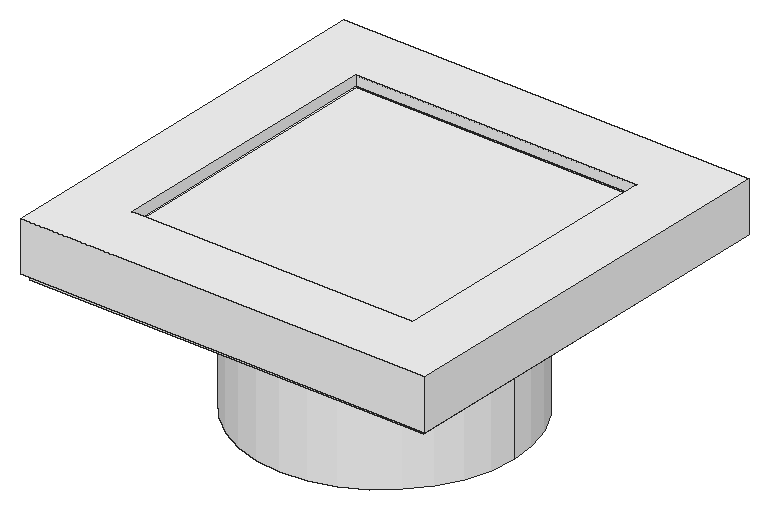
Revit family "Gira_2282600", category Electrical Fixtures, host Face, Revit 2017
Family settings
  Host = Face
  Maintain Annotation Orientation = Yes
  Round Connector Dimension = Use Diameter
  Part Type = Normal
  Cut with Voids When Loaded = No
  Shared = No
  Room Calculation Point = No
Parameters (values of type "Speaker RDS FM radio System 55 stainl.steel")
  White [instance] = White
  URL = "http://katalog.gira.de/en/datenblatt.html?artikelnr=2282600"
  Name = "Speaker RDS FM radio System 55 stainl.steel"
  Model = "Radio"
  Manufacturer URL = "https://www.gira.de/"
  Manufacturer = "Gira"
  HeinzeBIM = "https://bimportal.heinze.de/bim/speaker-rds-fm-radio-system-55-stainl-steel/abe07c2d12d35db76f6b69c08bc2932a9b44d121"
  HAN = "2282600"
  GTIN = "4010337032861"
  Description = "Spk.FM radio RDS Sys55 SST,Speaker for the RDS flush-mounted radio,,Stainless steel,Features:,- Speaker for connection to the Gira RDS flush-mounted radio."
  Default Elevation = 1219.2 mm
  Data sheet (1) = "https://katalog.gira.de/en/download.html?artikelnr=2282600"
  Category = "Electronic insert for domestic switching devices"
  BIM (1) = "https://media.stage.bim.site/public/gira/36a6b08/Sys55_Komplettgerät_Schalten und Tasten.rfa?public/gira/36a6b08/Sys55_Komplettgerät_Schalten und Tasten.rfa"
  Available = "No"
Reference planes
  plane 1 "Center (Front/Back)": y = 0
  plane 2: z = 0
  plane 3 "Center (Left/Right)": x = 0
Forms (mm)
  Extrusion 1, solid, material "White" <- "White", detail levels medium
    sketch origin (0, 0, 0) x (1, 0, 0) y (0, 1, 0)
      loop
        line (-40.4, 40.4) -> (-40.4, -40.4) -> (40.4, -40.4) -> (40.4, 40.4) -> (-40.4, 40.4)
      loop
        line (-28, 28) -> (-28, -28) -> (28, -28) -> (28, 28) -> (-28, 28)
    from 0 to 10
  Extrusion 2, solid, material "White" <- "White", detail levels fine
    sketch origin (0, 0, 0) x (1, 0, 0) y (0, 1, 0)
      loop
        line (-40.4, 40.4) -> (-40.4, -40.4) -> (40.4, -40.4) -> (40.4, 40.4) -> (-40.4, 40.4)
      loop
        line (-28, 28) -> (-28, -28) -> (28, -28) -> (28, 28) -> (-28, 28)
    from 0 to 10
  Extrusion 3, void
    sketch origin (0, 0, 0) x (1, 0, 0) y (0, 1, 0)
      loop
        line (-38.4, 38.4) -> (-38.4, -38.4) -> (38.4, -38.4) -> (38.4, 38.4) -> (-38.4, 38.4)
    from 0 to 8
  Extrusion 4, solid, material "White" <- "White", detail levels medium+fine
    sketch origin (0, 0, 0) x (1, 0, 0) y (0, 1, 0)
      loop
        line (-39.4, 39.4) -> (-39.4, -39.4) -> (39.4, -39.4) -> (39.4, 39.4) -> (-39.4, 39.4)
    from 0 to -1
  Extrusion 5, solid, material "White" <- "White", detail levels medium+fine
    sketch origin (0, 0, 0) x (1, 0, 0) y (0, 1, 0)
      loop
        line (-35.5, 35.5) -> (-35.5, -35.5) -> (35.5, -35.5) -> (35.5, 35.5) -> (-35.5, 35.5)
    from -2 to -3
  Extrusion 6, solid, material "White" <- "White", detail levels medium+fine
    sketch origin (0, 0, 0) x (1, 0, 0) y (0, 1, 0)
      loop
        circle (0, 0) r 26
    from 0 to -27.5
  Extrusion 7, solid, material "White" <- "White", detail levels coarse
    sketch origin (0, 0, 0) x (1, 0, 0) y (0, 1, 0)
      loop
        line (-40.4, 40.4) -> (-40.4, -40.4) -> (40.4, -40.4) -> (40.4, 40.4) -> (-40.4, 40.4)
    from -27.5 to 10
Cuts and joins
  Extrusion 3 cuts Extrusion 2
Dimensions and locks
  aligned and locked: plane 2 to host face
  aligned and locked: level to host face
  aligned and locked: plane 3 "Center (Left/Right)" to nested 2
  aligned and locked: plane 1 "Center (Front/Back)" to nested 2
Nested families
  nested 1: "Sys55_Abdeckung_Schalten und Tasten_floor_base" at (0, 0, 0), type "Sys55_Abdeckung_Schalten und Tasten_floor_base"
  nested 2: "Schalter" at (0, 0, 0), type "Schalter"
Connectors
  electrical at (0, 0, -27.5)
    settings: on Extrusion 6, index 1, voltage 220 V, apparent load 0 VA, apparent load phase1 0 VA, apparent load phase2 0 VA, apparent load phase3 0 VA, power factor 1, load classification "Other", number of poles 1, system type 30, power factor state 1, is connector primary yes, connector utility no, sub classification motor no, connector description ""
Definition of nested family "Sys55_Abdeckung_Schalten und Tasten_floor_base"
  Parameters
    Default Elevation = 1219.2 mm
    White [instance] = none
  Reference planes
    plane 1 "Center (Front/Back)": y = 0
    plane 2: z = 0
    plane 3 "Center (Left/Right)": x = 0
  Forms (mm)
    Extrusion 1, solid
      sketch origin (0, 0, 0) x (1, 0, 0) y (0, 1, 0)
        loop
          line (-1219.2, 1219.2) -> (-1219.2, -1219.2) -> (1219.2, -1219.2) -> (1219.2, 1219.2) -> (-1219.2, 1219.2)
      from 0 to -304.8
    Extrusion 2, solid, material <- "White", detail levels fine
      sketch origin (0, 0, 0) x (1, 0, 0) y (0, 1, 0)
        loop
          line (-27.5, 27.5) -> (-27.5, -27.5) -> (27.5, -27.5) -> (27.5, 27.5) -> (-27.5, 27.5)
      from 0 to 8
    Extrusion 3, void
      sketch origin (0, 0, 0) x (1, 0, 0) y (0, 1, 0)
        loop
          line (26, 26) -> (-26, 26) -> (-26, -26) -> (26, -26) -> (26, 26)
      from 0 to 6
    Extrusion 4, solid, material <- "White", detail levels medium
      sketch origin (0, 0, 0) x (1, 0, 0) y (0, 1, 0)
        loop
          line (-27.5, 27.5) -> (-27.5, -27.5) -> (27.5, -27.5) -> (27.5, 27.5) -> (-27.5, 27.5)
      from 0 to 8
    Extrusion 5, solid, material <- "White", detail levels medium
      sketch origin (0, 0, 0) x (1, 0, 0) y (0, 1, 0)
        loop
          line (11, -17.5) -> (11, 17.5) -> (-11, 17.5) -> (-11, -17.5) -> (11, -17.5)
      from -6 to 6
    Extrusion 6, solid, material <- "White", detail levels fine
      sketch origin (0, 0, 0) x (1, 0, 0) y (0, 1, 0)
        loop
          line (11, 17.5) -> (-11, 17.5) -> (-11, 16.5) -> (11, 16.5) -> (11, 17.5)
        loop
          line (-11, -16.5) -> (-11, -17.5) -> (11, -17.5) -> (11, -16.5) -> (-11, -16.5)
      from -4 to 6
    Extrusion 7, solid, material <- "White", detail levels fine
      sketch origin (0, 0, 0) x (1, 0, 0) y (0, 1, 0)
        loop
          arc (5, 9.347) -> (0, 10.6) -> (-5, 9.347) r 10.6
          line (-5, 9.347) -> (-5, -9.347)
          arc (-5, -9.347) -> (0, -10.6) -> (5, -9.347) r 10.6
          line (5, -9.347) -> (5, 9.347)
      from -6 to 6
    Extrusion 8, solid, material <- "White", detail levels coarse
      sketch origin (0, 0, 0) x (1, 0, 0) y (0, 1, 0)
        loop
          line (-27.5, 27.5) -> (-27.5, -27.5) -> (27.5, -27.5) -> (27.5, 27.5) -> (-27.5, 27.5)
      from -6 to 8
  Cuts and joins
    Extrusion 3 cuts Extrusion 2
  Dimensions and locks
    aligned and locked: plane 2 to Extrusion 1
    aligned and locked: level to Extrusion 1
Definition of nested family "Schalter"
  Reference planes
    plane 1: y = 0
    plane 2: x = 0
  Lines and regions (mm)
    detail lines
      curve 1: circle (1.375, 2.778, 0) r 0.8 normal (0, 0, 1)
      curve 2: line (1.021, 2.061, 0) -> (0, 0, 0)
      curve 3: line (0, 0, 0) -> (-0.538, 0.266, 0)
  Dimensions and locks
    curve 2 to curve 2 = 2.3 mm
    curve 3 to curve 2 = 0.6 mm
    radius of curve 1 = 0.8 mm
